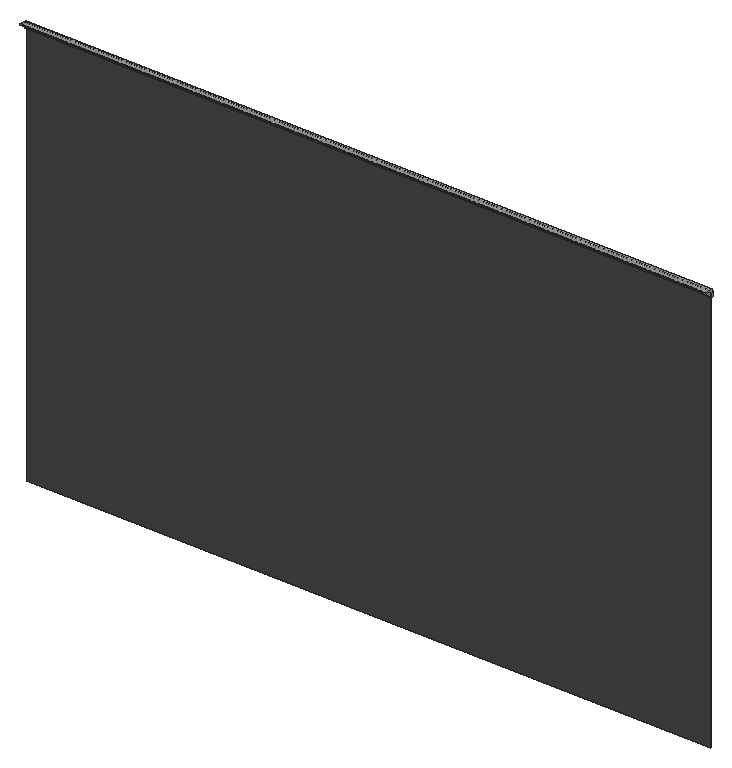
Revit family "ENG Małkowski Martech_Brama_Marc-KDS", category Mechanical Equipment, Revit 2020
Family settings
  Round Connector Dimension = Use Diameter
  Classification = None
  Part Type = Normal
  OmniClass Number = 23.30.10.00
  OmniClass Title = Doors
  Work Plane-Based = Yes
  Always vertical = No
  Cut with Voids When Loaded = No
  Shared = No
  Room Calculation Point = Yes
Parameters (values of type "Shaft box ceiling-suspended")
  Structural / wall opening width So [instance] = 5000 mm
  Opening width [instance] = if([Structural / wall opening width So] < 1000 mm, 1000 mm, if([Structural / wall opening width So] > 6000 mm, 6000 mm, [Structural / wall opening width So]))  # 5000 mm
  Opening height [instance] = if([Structural / wall opening height Ho] < 500 mm, 500 mm, if([Structural / wall opening height Ho] > 8000 mm, 8000 mm, [Structural / wall opening height Ho]))  # 3000 mm
  Model (Code) [instance] = if([Fire resistance class (Marc-Kds)] = 0, "KDS - D30 - S", if([Fire resistance class (Marc-Kds)] = 1, "KDS - D60 - S", if([Fire resistance class (Marc-Kds)] = 2, "KDS - D90 - S", if([Fire resistance class (Marc-Kds)] = 3, "KDS - D120 - S", if([Fire resistance class (Marc-Kds)] = 4, "KDS - DA - S", if([Fire resistance class (Marc-Kds)] = 5, "KDS - DH30 - S", if([Fire resistance class (Marc-Kds)] = 6, "KDS - DH60 - S", if([Fire resistance class (Marc-Kds)] = 7, "KDS - DH90 - S", if([Fire resistance class (Marc-Kds)] = 8, "KDS - DH120 - S", "KDS - DHA - S")))))))))  # "KDS - D30 - S"
  Height = 0 mm
  URL = "https://www.malkowski.pl/produkty/marc-kds/"
  Construction type = "Static smoke barriers"  # constant formula
  Width = 0 mm
  Structural / wall opening height Ho [instance] = 3000 mm
  Curtain sheet = "non-flammable fiberglass fabric, standard gray-silver color, with a load strip attached to the bottom edge of the coat"  # constant formula
  Manufacturer = "Małkowski - Martech S.A."  # constant formula
  Keynote = ""
  Fire rating = "D, DH"  # constant formula
  Type Image = 062-700x600-px-scale-730-547.jpg
  Model = "Marc - KDS"  # constant formula
  Configuration comment [instance] = if(or([Structural / wall opening width So] < 1000 mm, [Structural / wall opening height Ho] < 500 mm), "The given opening dimensions are not compatible with the specification sheet..", if([Structural / wall opening width So] > 6000 mm, "The maximum width of a single module is 6m. Wider curtains are made of several modules connected with connectors.", if([Structural / wall opening height Ho] > 8000 mm, "W przypadku kurtyn o większej wysokości niż 8m prosimy o kontakt z producentem.", "Correct dimensions have been entered")))  # "Correct dimensions have been entered"
  IfcExportAs = "IfcDoor"  # constant formula
  Wall Closure = By host
  Fire resistance class (Marc-Kds) [instance] = 0
  Enclosure material [instance] = Małkowski-Martech_Gray
  Installation elements = "steel angle bar 50x50x6 and flat bar 40x3 made of steel sheet, fixing with M6x25 hexagonal bolts and M10 steel anchors"  # constant formula
  Curtain length [instance] = Clear opening height + 40 mm  # 2990 mm
  Default Elevation [instance] = 1219.2 mm
  Clear opening width [instance] = Opening width  # 5000 mm
  Clear opening height [instance] = Opening height - 50 mm  # 2950 mm
  Gate closed [instance] = not(Gate open)  # yes
  Gate open [instance] = no
Reference planes
  plane 1: y = -150
  plane 2 "Środek (Lewa/Prawa)": x = 0
  plane 3 "Lewa": x = -2500
  plane 4 "Prawa": x = 2500
  plane 5 "Góra otworu w murze": z = 3000
  plane 6 "Zewnętrzna": y = 0
  plane 7 "Wewnętrzna": y = -300
  plane 8 "Środek obrotu": x = 37.5
  plane 9 "Podstawa parapetu": z = 0
  plane 10: x = -2490
  plane 11: x = 2490
  plane 12: y = -100
  plane 13: y = -103
  plane 14: y = -300
Forms (mm)
  Extrusion 1, solid, material "Małkowski-Martech_Gray" <- "Enclosure material"
    sketch origin (0, -74, 0) x (0, -1, 0) y (0, 0, -1)
      loop
        line (32.8, -3000) -> (82.8, -3000) -> (82.8, -2996.5)
        arc (82.8, -2996.5) -> (82.068, -2994.732) -> (80.3, -2994) r 2.5
        line (80.3, -2994) -> (41.705, -2994)
        arc (41.705, -2994) -> (39.651, -2993.149) -> (38.8, -2991.095) r 2.905
        line (38.8, -2991.095) -> (38.8, -2952.535)
        arc (38.8, -2952.535) -> (38.057, -2950.743) -> (36.265, -2950) r 2.535
        line (36.265, -2950) -> (32.8, -2950) -> (32.8, -3000)
      loop
        line (29, -2950) -> (26, -2950) -> (26, -2990) -> (29, -2990) -> (29, -2950)
    from -2500 to 2500
Text (mm)
  text "Zewnętrzne" at (-2295.016, 1099.543, 0), in view "Poziom odniesienia"
  text "Zewnętrzne" at (0, 1615.38, 3698.081), in view "Lewa"
  text "Zewnętrzne" at (0, 1036.032, 3874.932), in view "Prawa"
Dimensions and locks
  equal spacing: plane 3 "Lewa", plane 2 "Środek (Lewa/Prawa)", plane 4 "Prawa"
  "Opening width": plane 3 "Lewa" to plane 4 "Prawa"
  plane 3 "Lewa" to plane 4 "Prawa" = 5000 mm
  locked: plane 3 "Lewa" to plane 10 at 10
  locked: plane 11 to plane 4 "Prawa" at 10
  locked: Extrusion 1 sketch curve to Extrusion 1 sketch curve at 40
  locked: Extrusion 1 sketch curve to Extrusion 1 sketch curve at 50  (x2)
  locked: plane 12 to plane 13 at 3
  "Opening height": plane 5 "Góra otworu w murze" to plane 9 "Podstawa parapetu"
  aligned and locked: nested 1 to plane 11
  aligned and locked: plane 10 to nested 1
  aligned and locked: plane 3 "Lewa" to Extrusion 1
  aligned and locked: Extrusion 1 to plane 4 "Prawa"
  aligned and locked: nested 1 to plane 13
  aligned and locked: Extrusion 1 sketch curve to plane 12
Automatic sketch dimensions
  plane 5 "Góra otworu w murze" to Extrusion 1 sketch curve = 0 mm
  Extrusion 1 sketch curve to Extrusion 1 sketch curve = 3 mm
  Extrusion 1 sketch curve to Extrusion 1 sketch curve = 3.8 mm
  Extrusion 1 sketch curve to Extrusion 1 sketch curve = 3.465 mm
  Extrusion 1 sketch curve to Extrusion 1 sketch curve = 9.8 mm
  Extrusion 1 sketch curve to Extrusion 1 sketch curve = 2.905 mm
  Extrusion 1 sketch curve to Extrusion 1 sketch curve = 2.5 mm
  Extrusion 1 sketch curve to Extrusion 1 sketch curve = 1.095 mm
  Extrusion 1 sketch curve to Extrusion 1 sketch curve = 0 mm
Nested families
  nested 1: "Curtain door" at (0, -103, 0), Wysokość kurtyny <- "Curtain length", visible <- "Gate closed", type "Curtain door"
    with Wysokość kurtyny 2990 mm, Szerokość kurtyny korekta 4910 mm, Szerokość kurtyny 4980 mm
Definition of nested family "Curtain door"
  Parameters (values of type "Drzwi kurtynowe")
    Wysokość kurtyny [instance] = 3000 mm
    Szerokość kurtyny korekta [instance] = 3000 mm
    Szerokość kurtyny [instance] = Szerokość kurtyny korekta + 70 mm  # 3070 mm
    Default Elevation = 0 mm
  Reference planes
    plane 1 "Środek (Przód/Tył)": y = 0
    plane 2: z = 0
    plane 3 "Środek (Lewa/Prawa)": x = 0
    plane 4: x = -1535
    plane 5: x = 1535
  Forms (mm)
    Extrusion 1, solid
      sketch origin (0, -30, 0) x (1, 0, 0) y (0, 1, 0)
        loop
          line (-1535, 26.2) -> (1535, 26.2) -> (1535, 30) -> (-1535, 30) -> (-1535, 26.2)
      from 0 to 3000 <- "Wysokość kurtyny"
  Dimensions and locks
    equal spacing: plane 4, plane 3 "Środek (Lewa/Prawa)", plane 5
    "Szerokość kurtyny": plane 4 to plane 5
    locked: Extrusion 1 sketch curve to Extrusion 1 sketch curve at 3.8
    aligned and locked: level to plane 2
  Automatic sketch dimensions
    plane 1 "Środek (Przód/Tył)" to Extrusion 1 sketch curve = 0 mm
    Extrusion 1 sketch curve to plane 4 = 0 mm
    Extrusion 1 sketch curve to plane 5 = 0 mm
